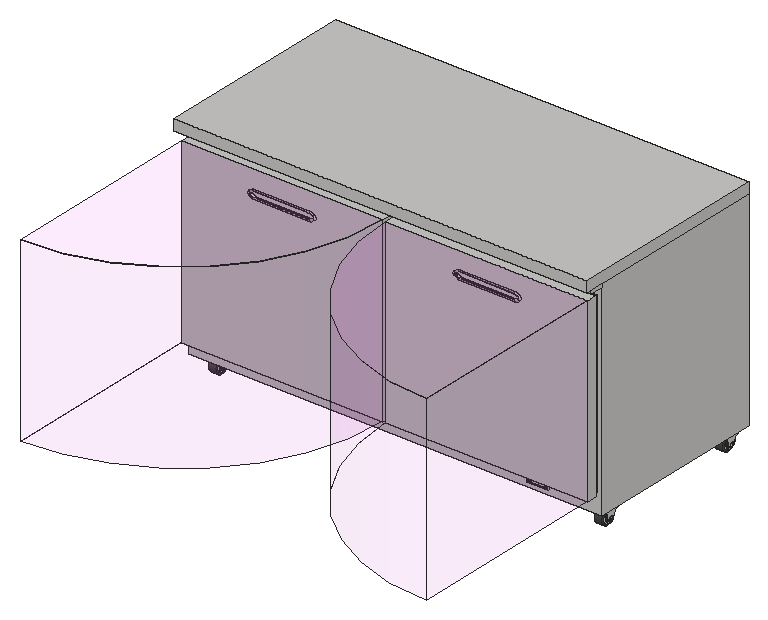
Revit family "QF_Kelvinator_738291_KCHUC60R_2-Door_Under_Counter_Refrigerator_61_Long", category Specialty Equipment, Revit 2021
Family settings
  Round Connector Dimension = Use Diameter
  Part Type = Normal
  Work Plane-Based = No
  Always vertical = Yes
  Cut with Voids When Loaded = No
  Shared = No
  Room Calculation Point = No
Parameters
  Weight in Pounds = 233.69
  Watts = 300 W
  Volts = 115 V
  URL Cutsheet = ""
  Specification by User = ""
  Specification by Manufacturer = ""
  Serial Number = ""
  Seismic Rating = ""
  SMACNA No = ""
  Revision Code = ""
  Refrigerant Type = "R600a"
  Phase = 1
  Number of Poles = 1
  NAFEM Spec ID Number = ""
  Model = "738291 (KCHUC60R)"
  Min Ckt Ampacity = 0 A
  Max Overcurrent Protection = 0 A
  Masterspec = ""
  Manufacturer = "Kelvinator Commercial"
  Length = 61.220"
  Item Number = "738291"
  Installed By = ""
  Identify Quantity as Lot = yes
  Height = 35.512"
  HP = "1/8"
  Furnished By = ""
  Foodservice Equipment Identifier = yes
  FL Amps = 3 A
  Electrical Remarks = ""
  Electric Connection Type = ""
  Elec Conn RI Height = 0.000"
  Elec Conn Connection Height = 0.000"
  Description = "2-Door Under Counter Refrigerator 61\" Long"
  Depth = 29.921"
  Default Elevation = 0.000"
  Cycle = 60 Hz
  Conn Plug = "5-15P"
  Conn Conduit = yes
  CSI MasterFormat = ""
  Apparent Power = 0 VA
Reference planes (in)
  plane 1 "BACK": y = 0
  plane 2: z = 0
  plane 3 "LEFT": x = 0
  plane 4 "RIGHT": x = 61.22
  plane 5 "FRONT": y = -29.921
  plane 6 "TOP": z = 35.512
  plane 7 "Center Y": x = 30.61
  plane 8 "Center X": y = -14.9605
Dimensions and locks (in)
  equal spacing: plane 3 "LEFT", plane 7 "Center Y", plane 4 "RIGHT"
  "Length": plane 3 "LEFT" to plane 4 "RIGHT"
  equal spacing: plane 5 "FRONT", plane 8 "Center X", plane 1 "BACK"
  "Depth": plane 5 "FRONT" to plane 1 "BACK"
  "Height": plane 6 "TOP" to level
  aligned and locked: level to plane 2
Nested families (in)
  nested 1: "KCHST.0001" at (0, 0, 0), type "KCHST.0001"
    with Show Clearance yes
Connectors (in)
  electrical at (30.595, -0.87772, 2.31881), driven by "Volts", driven by "Watts"
    settings: on nested 1, index 1, voltage 115 V, apparent load 300 VA, apparent load phase1 0 VA, apparent load phase2 0 VA, apparent load phase3 0 VA, power factor 1, load classification "Other", number of poles 1, system type 30, power factor state 1, is connector primary yes, connector utility no, sub classification motor no, connector description ""
Definition of nested family "KCHST.0001"
  Parameters (values of type "KCHST.0001")
    Weight in Pounds = 0
    URL Cutsheet = ""
    Specification by User = ""
    Specification by Manufacturer = ""
    Show Clearance [instance] = yes
    Serial Number = ""
    Seismic Rating = ""
    SMACNA No = ""
    Revision Code = ""
    NAFEM Spec ID Number = ""
    Masterspec = ""
    Length = 61.220"
    Item Number = ""
    Installed By = ""
    Identify Quantity as Lot = yes
    Height = 35.512"
    Furnished By = ""
    Foodservice Equipment Identifier = yes
    Depth = 29.921"
    Default Elevation = 0.000"
    CSI MasterFormat = ""
  Reference planes (in)
    plane 1 "BACK": y = 0
    plane 2: z = 0
    plane 3 "LEFT": x = 0
    plane 4 "RIGHT": x = 61.22
    plane 5 "FRONT": y = -29.921
    plane 6 "TOP": z = 35.512
    plane 7 "Center Y": x = 30.61
    plane 8 "Center X": y = -14.9605
    plane 9: z = 3.1
    plane 10: z = 33.9
    plane 11: y = -29.2
    plane 12: z = 32.4
    plane 13: z = 5.6
    plane 14: y = -27.2
    plane 15: x = 59.22
    plane 16: x = 2
    plane 17: x = 30.375
    plane 18: x = 0.5
    plane 19: x = 15.40858
    plane 20: x = 45.84142
  Forms (in)
    Extrusion 1, solid
      sketch origin (0, 0, 0) x (0, 1, 0) y (0, 0, 1)
        loop
          line (-27.2, 33.9) -> (-27.2, 3.1) -> (0, 3.1) -> (0, 33.9) -> (-27.2, 33.9)
      from 0 to 61.22
    Extrusion 2, solid
      sketch origin (0, 0, 0) x (0, 1, 0) y (0, 0, 1)
        loop
          line (-29.921, 35.512) -> (-29.921, 33.9) -> (0, 33.9) -> (0, 35.512) -> (-29.921, 35.512)
      from 0 to 61.22
    Extrusion 3, solid
      sketch origin (0, 0, 0) x (0, 1, 0) y (0, 0, 1)
        loop
          line (-29.2, 33.9) -> (-29.2, 33.4) -> (-27.2, 33.4) -> (-27.2, 33.9) -> (-29.2, 33.9)
      from 0 to 61.22
    Extrusion 4, solid
      sketch origin (30.61, 6.90541, 48) x (0, 1, 0) y (0, 0, 1)
        loop
          line (-36.10541, -15.6) -> (-36.10541, -42.4) -> (-34.65211, -42.4) -> (-34.65211, -15.6) -> (-36.10541, -15.6)
      from -0.235 to -30.11
    Extrusion 5, solid
      sketch origin (0, 0, 0) x (0, 1, 0) y (0, 0, 1)
        loop
          line (-27.74671, 32.20449) -> (-27.74671, 5.81322) -> (-27.49671, 5.81322) -> (-27.49671, 32.20449) -> (-27.74671, 32.20449)
      from 0.74536 to 30.07179
    Extrusion 6, solid
      sketch origin (0, 0.25, 0) x (0, 1, 0) y (0, 0, 1)
        loop
          line (-27.74671, 32.20449) -> (-27.74671, 5.81322) -> (-27.564, 5.81322) -> (-27.564, 32.20449) -> (-27.74671, 32.20449)
      from 0.74536 to 30.07179
    Extrusion 7, solid
      sketch origin (0, 0.4327, 0) x (0, 1, 0) y (0, 0, 1)
        loop
          line (-27.74671, 32.20449) -> (-27.74671, 5.81322) -> (-27.6327, 5.81322) -> (-27.6327, 32.20449) -> (-27.74671, 32.20449)
      from 0.74536 to 30.07179
    Extrusion 8, solid
      sketch origin (7.52043, -27.2, -4.77927) x (-1, 0, 0) y (0, 0, 1)
        loop
          line (-42.67533, 9.70772) -> (-45.82493, 9.70772) -> (-45.82493, 8.52662) -> (-42.67533, 8.52662) -> (-42.67533, 9.70772)
        loop
          line (-42.75407, 9.63107) -> (-43.14777, 9.63107) -> (-43.14777, 9.31193) -> (-42.75407, 9.31193) -> (-42.75407, 9.63107)
        loop
          line (-42.75407, 9.27674) -> (-43.14777, 9.27674) -> (-43.14777, 8.9576) -> (-42.75407, 8.9576) -> (-42.75407, 9.27674)
        loop
          line (-42.75407, 8.92241) -> (-43.14777, 8.92241) -> (-43.14777, 8.60327) -> (-42.75407, 8.60327) -> (-42.75407, 8.92241)
        loop
          line (-45.74619, 9.63107) -> (-45.74619, 9.31193) -> (-45.35249, 9.31193) -> (-45.35249, 9.63107) -> (-45.74619, 9.63107)
        loop
          line (-45.74619, 9.27674) -> (-45.74619, 8.9576) -> (-45.35249, 8.9576) -> (-45.35249, 9.27674) -> (-45.74619, 9.27674)
        loop
          line (-45.74619, 8.92241) -> (-45.74619, 8.60327) -> (-45.35249, 8.60327) -> (-45.35249, 8.92241) -> (-45.74619, 8.92241)
        loop
          line (-43.22525, 9.63107) -> (-45.27501, 9.63107) -> (-45.27501, 8.60716) -> (-43.22525, 8.60716) -> (-43.22525, 9.63107)
      from 0.07874 to -0.04602
    Extrusion 9, solid
      sketch origin (7.52043, -27.24602, -4.77927) x (1, 0, 0) y (0, 0, 1)
        loop
          line (45.35249, 9.63107) -> (45.35249, 9.31193) -> (45.74619, 9.31193) -> (45.74619, 9.63107) -> (45.35249, 9.63107)
        loop
          line (45.35249, 9.27674) -> (45.35249, 8.9576) -> (45.74619, 8.9576) -> (45.74619, 9.27674) -> (45.35249, 9.27674)
        loop
          line (45.35249, 8.92241) -> (45.35249, 8.60327) -> (45.74619, 8.60327) -> (45.74619, 8.92241) -> (45.35249, 8.92241)
        loop
          line (43.14777, 9.63107) -> (42.75407, 9.63107) -> (42.75407, 9.31193) -> (43.14777, 9.31193) -> (43.14777, 9.63107)
        loop
          line (43.14777, 9.27674) -> (42.75407, 9.27674) -> (42.75407, 8.9576) -> (43.14777, 8.9576) -> (43.14777, 9.27674)
        loop
          line (43.14777, 8.92241) -> (42.75407, 8.92241) -> (42.75407, 8.60327) -> (43.14777, 8.60327) -> (43.14777, 8.92241)
      from 0 to -0.07874
    Extrusion 10, solid
      sketch origin (7.52043, -27.24602, -4.77927) x (1, 0, 0) y (0, 0, 1)
        loop
          line (43.22525, 9.63107) -> (43.22525, 8.60716) -> (45.27501, 8.60716) -> (45.27501, 9.63107) -> (43.22525, 9.63107)
      from 0 to -0.07874
    Extrusion 11, void
      sketch origin (7.52043, -27.2, -4.77927) x (-1, 0, 0) y (0, 0, 1)
        loop
          line (-42.67533, 9.70772) -> (-45.82493, 9.70772) -> (-45.82493, 8.52662) -> (-42.67533, 8.52662) -> (-42.67533, 9.70772)
      from 0 to 0.07874
    Extrusion 12, void
      sketch origin (-37.41705, -29.19996, 31.5181) x (0, 0, 1) y (1, 0, 0)
        loop
          line (-1.94791, 48.65063) -> (-1.94791, 57.00063) -> (-2.28604, 57.54163)
          arc (-2.28604, 57.54163) -> (-2.38541, 57.59671) -> (-2.48479, 57.54163) r 0.11719
          line (-2.48479, 57.54163) -> (-2.82291, 57.00063) -> (-2.82291, 48.65063) -> (-2.48621, 48.11191)
          arc (-2.48621, 48.11191) -> (-2.38541, 48.05604) -> (-2.28462, 48.11191) r 0.11887
          line (-2.28462, 48.11191) -> (-1.94791, 48.65063)
      from 0 to 0.31887
    Sweep 13, solid
      path origin (-37.41705, -26.39996, 31.5181) x (0, 0, -1) y (1, 0, 0)
        loop
          line (2.82291, 57.00063) -> (2.48479, 57.54163)
          arc (2.48479, 57.54163) -> (2.38541, 57.59671) -> (2.28604, 57.54163) r 0.11719
          line (2.28604, 57.54163) -> (1.94791, 57.00063) -> (1.94791, 48.65063) -> (2.28462, 48.11191)
          arc (2.28462, 48.11191) -> (2.38541, 48.05604) -> (2.48621, 48.11191) r 0.11887
          line (2.48621, 48.11191) -> (2.82291, 48.65063) -> (2.82291, 57.00063)
      profile origin (15.40858, -26.39996, 28.69519) x (0, 0, -1) y (0, -1, 0)
        loop
          line (0, 2.8) -> (0.25, 2.8)
          arc (0.25, 2.8) -> (0.125, 2.85269) -> (0, 2.8) r 0.17461
    Extrusion 14, solid
      sketch origin (-16.15625, 0, 3.1) x (-1, 0, 0) y (0, 1, 0)
        loop
          circle (-46.75125, -0.87772) r 0.25
      from 0 to 0.78119
    Extrusion 15, solid
      sketch origin (30.61, 6.90541, 48) x (0, 1, 0) y (0, 0, -1)
        loop
          line (-36.10541, 15.6) -> (-34.65211, 15.6) -> (-34.65211, 42.4) -> (-36.10541, 42.4) -> (-36.10541, 15.6)
      from -0.25 to -30.125
    Extrusion 16, solid
      sketch origin (61.25, 0, 0) x (0, 1, 0) y (0, 0, -1)
        loop
          line (-27.74671, -32.20449) -> (-27.49671, -32.20449) -> (-27.49671, -5.81322) -> (-27.74671, -5.81322) -> (-27.74671, -32.20449)
      from 0.74536 to 30.07179
    Extrusion 17, solid
      sketch origin (61.25, 0.25, 0) x (0, 1, 0) y (0, 0, -1)
        loop
          line (-27.74671, -32.20449) -> (-27.564, -32.20449) -> (-27.564, -5.81322) -> (-27.74671, -5.81322) -> (-27.74671, -32.20449)
      from 0.74536 to 30.07179
    Extrusion 18, solid
      sketch origin (61.25, 0.4327, 0) x (0, 1, 0) y (0, 0, -1)
        loop
          line (-27.74671, -32.20449) -> (-27.6327, -32.20449) -> (-27.6327, -5.81322) -> (-27.74671, -5.81322) -> (-27.74671, -32.20449)
      from 0.74536 to 30.07179
    Extrusion 19, void
      sketch origin (98.66705, -29.19996, 31.5181) x (0, 0, 1) y (1, 0, 0)
        loop
          line (-1.94791, -48.65063) -> (-2.28462, -48.11191)
          arc (-2.28462, -48.11191) -> (-2.38541, -48.05604) -> (-2.48621, -48.11191) r 0.11887
          line (-2.48621, -48.11191) -> (-2.82291, -48.65063) -> (-2.82291, -57.00063) -> (-2.48479, -57.54163)
          arc (-2.48479, -57.54163) -> (-2.38541, -57.59671) -> (-2.28604, -57.54163) r 0.11719
          line (-2.28604, -57.54163) -> (-1.94791, -57.00063) -> (-1.94791, -48.65063)
      from 0 to 0.31887
    Sweep 20, solid
      path origin (98.66705, -26.39996, 31.5181) x (0, 0, -1) y (1, 0, 0)
        loop
          line (2.82291, -57.00063) -> (2.82291, -48.65063) -> (2.48621, -48.11191)
          arc (2.48621, -48.11191) -> (2.38541, -48.05604) -> (2.28462, -48.11191) r 0.11887
          line (2.28462, -48.11191) -> (1.94791, -48.65063) -> (1.94791, -57.00063) -> (2.28604, -57.54163)
          arc (2.28604, -57.54163) -> (2.38541, -57.59671) -> (2.48479, -57.54163) r 0.11719
          line (2.48479, -57.54163) -> (2.82291, -57.00063)
      profile origin (45.84142, -26.39996, 28.69519) x (0, 0, 1) y (0, -1, 0)
        loop
          arc (0, 2.8) -> (-0.125, 2.85269) -> (-0.25, 2.8) r 0.17461
          line (-0.25, 2.8) -> (0, 2.8)
    Extrusion 21, solid, visible <- "Show Clearance"
      sketch origin (0, 9.61225, 5.6) x (1, 0, 0) y (0, -1, 0)
        loop
          arc (30.375, 38.81225) -> (21.62482, 59.93707) -> (0.5, 68.68725) r 29.875
          line (0.5, 68.68725) -> (0.5, 38.81225) -> (30.375, 38.81225)
        loop
          line (30.86, 38.81225) -> (60.72, 38.81225) -> (60.72, 68.67225)
          arc (60.72, 68.67225) -> (39.60579, 59.92646) -> (30.86, 38.81225) r 29.86
      from 0 to -26.8
  Cuts and joins
    Extrusion 11 cuts Extrusion 8
    Extrusion 12, Extrusion 19 cuts Extrusion 4
    Extrusion 19 cuts Extrusion 15
  Lines and regions (in)
    symbolic lines
      curve 1: line (61.22, -29.921, 0) -> (61.22, 0, 0)
      curve 2: line (61.22, 0, 0) -> (0, 0, 0)
      curve 3: line (0, 0, 0) -> (0, -29.921, 0)
      curve 4: line (0, -29.921, 0) -> (61.22, -29.921, 0)
    symbolic lines, visible <- "Show Clearance"
      curve 5: arc (30.36373, -29.921, 0) -> (29.17172, -37.58417, 0) -> (26.04725, -44.68225, 0) r 29.87243
      curve 6: arc (35.18775, -44.68225, 0) -> (32.06172, -37.58445, 0) -> (30.8691, -29.921, 0) r 29.8596
      curve 7: line (0.5, -29.921, 0) -> (26.04725, -44.68225, 0)
      curve 8: line (60.72, -29.921, 0) -> (35.18775, -44.68225, 0)
  Dimensions and locks (in)
    equal spacing: plane 3 "LEFT", plane 7 "Center Y", plane 4 "RIGHT"
    "Length": plane 3 "LEFT" to plane 4 "RIGHT"
    equal spacing: plane 5 "FRONT", plane 8 "Center X", plane 1 "BACK"
    "Depth": plane 5 "FRONT" to plane 1 "BACK"
    "Height": plane 6 "TOP" to level
    plane 13 to plane 12 = 26.800"
    locked: plane 4 "RIGHT" to plane 15 at 2
    locked: plane 3 "LEFT" to plane 16 at 2
    locked: plane 18 to plane 3 "LEFT" at 0.5
    plane 3 "LEFT" to plane 4 "RIGHT" = 61.220"
    plane 9 to level = 3.100"
    plane 9 to plane 6 "TOP" = 32.412"
    plane 9 to plane 10 = 30.800"
    plane 5 "FRONT" to plane 1 "BACK" = 29.921"
    plane 14 to plane 1 "BACK" = 27.200"
    aligned and locked: level to plane 2
    aligned and locked: plane 15 to nested 1
    aligned and locked: nested 2 to plane 16
    aligned and locked: Extrusion 1 to plane 4 "RIGHT"
    aligned and locked: plane 4 "RIGHT" to Extrusion 1  (x2)
    aligned and locked: Extrusion 3 to plane 4 "RIGHT"
    aligned and locked: Extrusion 2 to plane 4 "RIGHT"
    aligned and locked: plane 17 to cut or joined group of Extrusion 4, Extrusion 12, Extrusion 19
    aligned and locked: cut or joined group of Extrusion 4, Extrusion 12, Extrusion 19 to plane 18
    aligned and locked: plane 15 to nested 3
    aligned and locked: plane 4 "RIGHT" to Extrusion 2
    aligned and locked: plane 4 "RIGHT" to Extrusion 3
    aligned and locked: Extrusion 7 to Extrusion 5
    aligned and locked: Extrusion 18 to Extrusion 16
  Automatic sketch dimensions
    plane 9 to Extrusion 1 sketch curve = 0.000"
    Extrusion 1 sketch curve to plane 14 = 0.000"
    Extrusion 1 sketch curve to plane 1 "BACK" = 0.000"
    Extrusion 1 sketch curve to plane 10 = 0.000"
    Extrusion 2 sketch curve to plane 5 "FRONT" = 0.000"
    Extrusion 2 sketch curve to plane 1 "BACK" = 0.000"
    Extrusion 2 sketch curve to plane 10 = 0.000"
    Extrusion 2 sketch curve to plane 6 "TOP" = 0.000"
    Extrusion 3 sketch curve to plane 10 = 0.000"
    Extrusion 3 sketch curve to plane 11 = 0.000"
    Extrusion 3 sketch curve to plane 14 = 0.000"
    Extrusion 3 sketch curve to Extrusion 3 sketch curve = 0.500"
    Extrusion 4 sketch curve to plane 11 = 0.000"
    plane 13 to Extrusion 4 sketch curve = 0.000"
    plane 12 to Extrusion 4 sketch curve = 0.000"
    Extrusion 4 sketch curve to plane 14 = 0.54671"
    Extrusion 5 sketch curve to plane 13 = 0.21322"
    Extrusion 5 sketch curve to plane 14 = 0.54671"
    Extrusion 5 sketch curve to Extrusion 5 sketch curve = 0.250"
    plane 12 to Extrusion 5 sketch curve = 0.19551"
    Extrusion 6 sketch curve to plane 14 = 0.29671"
    Extrusion 6 sketch curve to plane 14 = 0.114"
    Extrusion 6 sketch curve to plane 13 = 0.21322"
    plane 12 to Extrusion 6 sketch curve = 0.19551"
    Extrusion 7 sketch curve to plane 14 = 0.000"
    Extrusion 7 sketch curve to Extrusion 7 sketch curve = 0.114"
    Extrusion 7 sketch curve to plane 13 = 0.21322"
    plane 12 to Extrusion 7 sketch curve = 0.19551"
    plane 13 to Extrusion 8 sketch curve = 0.67154"
    Extrusion 8 sketch curve to plane 20 = 7.50394"
    Extrusion 8 sketch curve to Extrusion 8 sketch curve = 0.07874"  (x3)
    Extrusion 8 sketch curve to Extrusion 8 sketch curve = 0.000"  (x7)
    Extrusion 8 sketch curve to Extrusion 8 sketch curve = 0.3937"  (x2)
    Extrusion 8 sketch curve to Extrusion 8 sketch curve = 0.07748"  (x3)
    Extrusion 8 sketch curve to plane 9 = 0.72789"
    Extrusion 8 sketch curve to Extrusion 8 sketch curve = 2.04976"
    Extrusion 8 sketch curve to Extrusion 8 sketch curve = 0.00389"  (x2)
    Extrusion 8 sketch curve to Extrusion 8 sketch curve = 0.07665"  (x3)
    Extrusion 8 sketch curve to Extrusion 8 sketch curve = 0.31914"  (x4)
    Extrusion 8 sketch curve to Extrusion 8 sketch curve = 0.03519"  (x4)
    Extrusion 8 to Extrusion 9 sketch curve = 0.000"  (x10)
    Extrusion 9 sketch curve to Extrusion 8 = 0.000"  (x14)
    Extrusion 10 sketch curve to Extrusion 8 = 0.000"  (x3)
    Extrusion 8 to Extrusion 10 sketch curve = 0.000"
    plane 13 to Extrusion 11 sketch curve = 0.67154"
    Extrusion 11 sketch curve to plane 20 = 7.50394"
    Extrusion 11 sketch curve to plane 9 = 0.64735"
    Extrusion 11 sketch curve to Extrusion 11 sketch curve = 3.14961"
    plane 12 to Extrusion 12 sketch curve = 3.70481"
    Extrusion 12 sketch curve to Extrusion 12 sketch curve = 0.3367"
    Extrusion 12 sketch curve to Extrusion 12 sketch curve = 0.33813"  (x2)
    Extrusion 12 sketch curve to Extrusion 12 sketch curve = 0.09937"  (x2)
    Extrusion 12 sketch curve to Extrusion 12 sketch curve = 0.1008"  (x2)
    Extrusion 12 sketch curve to plane 19 = 4.71372"
    Extrusion 12 sketch curve to Extrusion 12 sketch curve = 0.063"
    Extrusion 12 sketch curve to Extrusion 12 sketch curve = 0.53872"  (x2)
    plane 19 to Extrusion 12 sketch curve = 4.175"
    Extrusion 12 sketch curve to Extrusion 12 sketch curve = 0.000"
    Extrusion 12 sketch curve to Extrusion 12 sketch curve = 0.47889"
    Extrusion 12 sketch curve to Extrusion 12 sketch curve = 0.06211"
    plane 12 to Sweep 13 sketch curve = 2.82981"
    Sweep 13 sketch curve to Sweep 13 sketch curve = 0.3367"
    Sweep 13 sketch curve to Sweep 13 sketch curve = 0.33813"  (x2)
    Sweep 13 sketch curve to Sweep 13 sketch curve = 0.09937"  (x2)
    Sweep 13 sketch curve to Sweep 13 sketch curve = 0.1008"  (x2)
    Sweep 13 sketch curve to plane 19 = 4.71372"
    Sweep 13 sketch curve to Sweep 13 sketch curve = 0.063"
    Sweep 13 sketch curve to Sweep 13 sketch curve = 0.53872"  (x2)
    plane 19 to Sweep 13 sketch curve = 4.175"
    Sweep 13 sketch curve to Sweep 13 sketch curve = 0.000"
    Sweep 13 sketch curve to Sweep 13 sketch curve = 0.47889"
    Sweep 13 sketch curve to Sweep 13 sketch curve = 0.06211"
    Sweep 13 sketch curve to profile plane = 0.000"
    Sweep 13 sketch curve to profile plane = 0.125"
    profile plane to Sweep 13 sketch curve = 2.67809"
    Sweep 13 sketch curve to Sweep 13 sketch curve = 0.12191"
    Extrusion 1 to Extrusion 14 sketch curve = 0.87772"
    Extrusion 14 sketch curve to Extrusion 1 = 30.625"
    Extrusion 15 sketch curve to plane 11 = 0.000"
    plane 13 to Extrusion 15 sketch curve = 0.000"
    plane 12 to Extrusion 15 sketch curve = 0.000"
    Extrusion 15 sketch curve to plane 14 = 0.54671"
    Extrusion 16 sketch curve to plane 13 = 0.21322"
    Extrusion 16 sketch curve to plane 14 = 0.54671"
    Extrusion 16 sketch curve to Extrusion 16 sketch curve = 0.250"
    plane 12 to Extrusion 16 sketch curve = 0.19551"
    Extrusion 17 sketch curve to plane 14 = 0.29671"
    Extrusion 17 sketch curve to plane 14 = 0.114"
    plane 12 to Extrusion 17 sketch curve = 0.19551"
    Extrusion 17 sketch curve to plane 13 = 0.21322"
    Extrusion 18 sketch curve to plane 14 = 0.000"
    Extrusion 18 sketch curve to Extrusion 18 sketch curve = 0.114"
    plane 12 to Extrusion 18 sketch curve = 0.19551"
    Extrusion 18 sketch curve to plane 13 = 0.21322"
    plane 12 to Extrusion 19 sketch curve = 3.70481"
    Extrusion 19 sketch curve to Extrusion 19 sketch curve = 0.3367"
    Extrusion 19 sketch curve to Extrusion 19 sketch curve = 0.33813"  (x2)
    Extrusion 19 sketch curve to Extrusion 19 sketch curve = 0.09937"  (x2)
    Extrusion 19 sketch curve to Extrusion 19 sketch curve = 0.1008"  (x2)
    plane 20 to Extrusion 19 sketch curve = 4.716"
    Extrusion 19 sketch curve to Extrusion 19 sketch curve = 0.06211"
    Extrusion 19 sketch curve to Extrusion 19 sketch curve = 0.541"  (x2)
    Extrusion 19 sketch curve to plane 20 = 4.175"
    Extrusion 19 sketch curve to Extrusion 19 sketch curve = 0.000"
    Extrusion 19 sketch curve to Extrusion 19 sketch curve = 0.47572"
    Extrusion 19 sketch curve to Extrusion 19 sketch curve = 0.063"
    plane 12 to Sweep 20 sketch curve = 2.82981"
    Sweep 20 sketch curve to Sweep 20 sketch curve = 0.3367"
    Sweep 20 sketch curve to Sweep 20 sketch curve = 0.33813"  (x2)
    Sweep 20 sketch curve to Sweep 20 sketch curve = 0.09937"  (x2)
    Sweep 20 sketch curve to Sweep 20 sketch curve = 0.1008"  (x2)
    plane 20 to Sweep 20 sketch curve = 4.716"
    Sweep 20 sketch curve to Sweep 20 sketch curve = 0.06211"
    Sweep 20 sketch curve to Sweep 20 sketch curve = 0.541"  (x2)
    Sweep 20 sketch curve to plane 20 = 4.175"
    Sweep 20 sketch curve to Sweep 20 sketch curve = 0.000"
    Sweep 20 sketch curve to Sweep 20 sketch curve = 0.47572"
    Sweep 20 sketch curve to Sweep 20 sketch curve = 0.063"
    profile plane to Sweep 20 sketch curve = 0.000"
    profile plane to Sweep 20 sketch curve = 0.125"
    profile plane to Sweep 20 sketch curve = 2.67809"
    Sweep 20 sketch curve to Sweep 20 sketch curve = 0.12191"
    Extrusion 21 sketch curve to plane 11 = 0.000"  (x2)
    Extrusion 21 sketch curve to plane 18 = 0.000"
    Extrusion 21 sketch curve to plane 17 = 0.000"
    plane 7 "Center Y" to Extrusion 21 sketch curve = 0.250"
    plane 4 "RIGHT" to Extrusion 21 sketch curve = 0.500"
    curve 4 to plane 3 "LEFT" = 0.000"
    plane 5 "FRONT" to curve 7 = 0.000"
    curve 7 to plane 18 = 0.000"
    curve 5 to plane 11 = 0.000"
    curve 5 to plane 18 = 0.000"
    curve 6 to plane 11 = 0.000"
    plane 1 "BACK" to curve 1 = 0.000"
    curve 1 to plane 4 "RIGHT" = 0.000"
    curve 7 to plane 17 = 4.32775"
    plane 4 "RIGHT" to curve 6 = 0.500"
    plane 7 "Center Y" to curve 6 = 0.2591"
    plane 7 "Center Y" to curve 8 = 4.57775"
    plane 4 "RIGHT" to curve 8 = 0.500"
    curve 5 to curve 8 = 0.000"
    radius of Extrusion 14 sketch curve = 0.250"
  Nested families (in)
    nested 1: "3 INCHES 01_CASTER" at (59.22, -24.75, 0), type "3 INCHES 01_CASTER"
      with Type Mark "", Specification by User "", Revision Code "", Item Number "", Installed By "", Identify Quantity as Lot yes, Furnished By "", Foodservice Equipment Identifier yes, 3 Inches Caster yes
    nested 2: "3 INCHES 01_CASTER" at (2, -24.75, 0), type "3 INCHES 01_CASTER"
      with Type Mark "", Specification by User "", Revision Code "", Item Number "", Installed By "", Identify Quantity as Lot yes, Furnished By "", Foodservice Equipment Identifier yes, 3 Inches Caster yes
    nested 3: "3 INCHES 01_CASTER" at (59.22, -2.375, 0), type "3 INCHES 01_CASTER"
      with Type Mark "", Specification by User "", Revision Code "", Item Number "", Installed By "", Identify Quantity as Lot yes, Furnished By "", Foodservice Equipment Identifier yes, 3 Inches Caster yes
    nested 4: "3 INCHES 01_CASTER" at (2, -2.375, 0), type "3 INCHES 01_CASTER"
      with Type Mark "", Specification by User "", Revision Code "", Item Number "", Installed By "", Identify Quantity as Lot yes, Furnished By "", Foodservice Equipment Identifier yes, 3 Inches Caster yes
  Definition of nested family "3 INCHES 01_CASTER"
    Parameters (values of type "3 INCHES 01_CASTER")
      Weight = ""
      URL Manufacturer = ""
      URL Cutsheet = ""
      URL = ""
      Type Mark [instance] = ""
      Specification by User [instance] = ""
      Specification by Manufacturer = ""
      Serial Number = ""
      Seismic Rating = ""
      SMACNA No = ""
      Revision Code [instance] = ""
      Omniclass Number and Title = ""
      NAFEM Spec ID Number = ""
      Model = ""
      MasterSpec. = ""
      Manufacturer = ""
      Item Number [instance] = ""
      Installed By [instance] = ""
      Identify Quantity as Lot [instance] = yes
      Furnished By [instance] = ""
      Foodservice Equipment Identifier [instance] = yes
      Description = ""
      Default Elevation = 0.000"
      CSI MasterFormat = ""
      CSI Master Format = ""
      Assembly Code = ""
      3 Inches Caster [instance] = yes
    Reference planes (in)
      plane 1: z = 0
      plane 2 "RIGHT": x = 0
      plane 3 "FRONT": y = 0
      plane 4 "TOP": z = 3.1
    Forms (in)
      Revolve 1, solid, visible <- "3 Inches Caster"
        sketch origin (-1.93794, 0.56004, -1.0041) x (1, 0, 0) y (0, 0, 1)
          loop
            line (0.74055, 2.11347) -> (0.74055, 2.03797) -> (0.79055, 1.98797) -> (0.85055, 1.98797) -> (0.85055, 1.8679) -> (1.235, 1.8679) -> (1.235, 1.7068) -> (1.36441, 1.63209) -> (1.4003, 1.41035) -> (1.34375, 1.41035) -> (1.34375, 1.28535) -> (1.375, 1.28535) -> (1.375, 1.0041) -> (2.48438, 1.0041) -> (2.48438, 1.28535) -> (2.51563, 1.28535) -> (2.51563, 1.41035) -> (2.45908, 1.41035) -> (2.49553, 1.6356) -> (2.62438, 1.70999) -> (2.62438, 1.8679) -> (3.04007, 1.8679) -> (3.04007, 1.98797) -> (3.10007, 1.98797) -> (3.15007, 2.03797) -> (3.15007, 2.11347) -> (0.74055, 2.11347)
          axis (0.74055, 2.11347) -> (3.15007, 2.11347)
        angle from 0 to 360
      Extrusion 2, solid, visible <- "3 Inches Caster"
        sketch origin (-1.93794, 1.35294, -3.2541) x (0, 1, 0) y (0, 0, 1)
          loop
            line (-0.41094, 5.86793) -> (-0.41094, 6.01276) -> (-2.29494, 6.01276) -> (-2.29494, 5.71244) -> (-1.82301, 5.71244)
            arc (-1.82301, 5.71244) -> (-1.00307, 5.59865) -> (-0.19592, 5.41488) r 9.6332
            arc (-0.19592, 5.41488) -> (0.12646, 5.29481) -> (0.42224, 5.11916) r 1.92059
            line (0.42224, 5.11916) -> (0.51314, 5.245)
            arc (0.51314, 5.245) -> (0.27353, 5.42569) -> (0.01201, 5.5729) r 2.25036
            line (0.01201, 5.5729) -> (0.09371, 5.71426)
            arc (0.09371, 5.71426) -> (-0.15272, 5.81043) -> (-0.41094, 5.86793) r 1.73151
        from 1.17357 to 2.70231
      Revolve 3, solid, visible <- "3 Inches Caster"
        sketch origin (0, 1.73858, -3.25) x (0, 1, 0) y (0, 0, 1)
          loop
            line (-1.73858, 6.35) -> (-1.73858, 6.00866) -> (-0.93293, 6.00866) -> (-0.93293, 6.35) -> (-1.73858, 6.35)
          axis (-1.73858, 6.00866) -> (-1.73858, 6.35)
        angle from 0 to 360
      Extrusion 4, solid, visible <- "3 Inches Caster"
        sketch origin (-1.98481, 1.35294, -1.7541) x (0, 1, 0) y (0, 0, 1)
          loop
            line (-2.29494, 4.51276) -> (-2.29494, 4.21244) -> (-2.2074, 4.21244)
            arc (-2.2074, 4.21244) -> (-1.58796, 3.87196) -> (-1.3103, 3.22193) r 1.0835
            arc (-1.3103, 3.22193) -> (-1.27304, 2.98711) -> (-1.19616, 2.76214) r 1.38462
            arc (-1.19616, 2.76214) -> (-0.77704, 2.49744) -> (-0.37393, 2.78593) r 0.44401
            arc (-0.37393, 2.78593) -> (-0.35491, 2.84407) -> (-0.34077, 2.90358) r 0.74034
            arc (-0.34077, 2.90358) -> (-0.07302, 3.38916) -> (0.4279, 3.62699) r 0.90376
            line (0.4279, 3.62699) -> (0.51314, 3.745)
            arc (0.51314, 3.745) -> (0.27353, 3.92569) -> (0.01201, 4.0729) r 2.25036
            line (0.01201, 4.0729) -> (0.09371, 4.21426)
            arc (0.09371, 4.21426) -> (-0.15272, 4.31043) -> (-0.41094, 4.36793) r 1.73151
            line (-0.41094, 4.36793) -> (-0.41094, 4.51276) -> (-2.29494, 4.51276)
        from 2.74918 to 2.90825
      Extrusion 5, solid, visible <- "3 Inches Caster"
        sketch origin (1.98481, 1.35294, -1.7541) x (0, 1, 0) y (0, 0, -1)
          loop
            line (-2.29494, -4.51276) -> (-0.41094, -4.51276) -> (-0.41094, -4.36793)
            arc (-0.41094, -4.36793) -> (-0.15272, -4.31043) -> (0.09371, -4.21426) r 1.73151
            line (0.09371, -4.21426) -> (0.01201, -4.0729)
            arc (0.01201, -4.0729) -> (0.27353, -3.92569) -> (0.51314, -3.745) r 2.25036
            line (0.51314, -3.745) -> (0.4279, -3.62699)
            arc (0.4279, -3.62699) -> (-0.07302, -3.38916) -> (-0.34077, -2.90358) r 0.90376
            arc (-0.34077, -2.90358) -> (-0.35491, -2.84407) -> (-0.37393, -2.78593) r 0.74034
            arc (-0.37393, -2.78593) -> (-0.77704, -2.49744) -> (-1.19616, -2.76214) r 0.44401
            arc (-1.19616, -2.76214) -> (-1.27304, -2.98711) -> (-1.3103, -3.22193) r 1.38462
            arc (-1.3103, -3.22193) -> (-1.58796, -3.87196) -> (-2.2074, -4.21244) r 1.0835
            line (-2.2074, -4.21244) -> (-2.29494, -4.21244) -> (-2.29494, -4.51276)
        from 2.74918 to 2.90825
    Cuts and joins
      joined: Extrusion 2, Extrusion 4, Extrusion 5
    Lines and regions (in)
      symbolic lines, visible <- "3 Inches Caster"
        curve 1: line (0.1877, 1.65194, 0) -> (0.89063, 1.2461, 0)
        curve 2: line (-1.00175, -0.40823, 0) -> (0.1877, 1.65194, 0)
        curve 3: line (-0.29881, -0.81407, 0) -> (-1.00175, -0.40823, 0)
        curve 4: line (0.89063, 1.2461, 0) -> (-0.29881, -0.81407, 0)
    Dimensions and locks (in)
      plane 4 "TOP" to level = 3.100"  (x2)
      aligned and locked: level to plane 1
